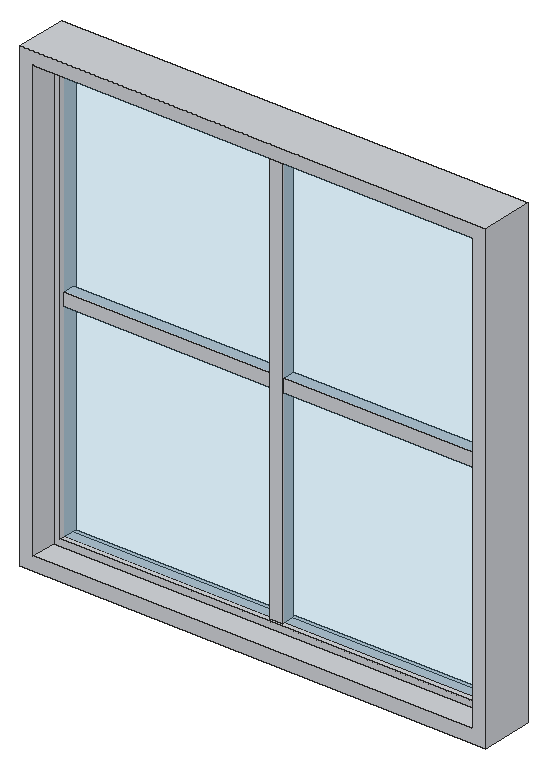
Revit family "Window_Fixed", category Windows, Revit 2019
Family settings
  Work Plane-Based = No
  Always vertical = Yes
  Cut with Voids When Loaded = No
  Shared = Yes
  Room Calculation Point = No
Parameters (values of type "Fixed Window")
  Width [instance] = 3' - 0"
  WS - Window Type / Symbol = "F-1"
  WS - Width [instance] = Width  # 3' - 0"
  WS - Tempered Glass = ""
  WS - Style = ""
  WS - Smoke & Draft = ""
  WS - Remarks = ""
  WS - Height [instance] = Height  # 3' - 0"
  WS - Frame = ""
  WS - Fire Rating = ""
  WS - Finish = ""
  Number Of Lites Wide [instance] = 2
  Number Of Lites High [instance] = 2
  Inner Frame Width = 0' - 0 1/2"
  Inner Frame Material [instance] = none
  Inner Frame Depth = 0' - 1 1/2"
  Height [instance] = 3' - 0"
  Glazing Width [instance] = Width - ((Frame Width + Inner Frame Width) * 2)  # 2' - 9"
  Glazing Thickness = 0' - 0 3/4"
  Glazing Height [instance] = Height - ((Frame Width + Inner Frame Width) * 2)  # 2' - 9"
  Glazing [instance] = none
  Frame Width = 0' - 1"
  Frame Material [instance] = none
  Depth = 0' - 4"
  Analytic Construction = "<None>"
Reference planes (in)
  plane 1 "Center (Front/Back)": y = 0
  plane 2: z = 0
  plane 3 "Center (Left/Right)": x = 0
  plane 4: x = -18
  plane 5: x = 18
  plane 6: y = 2
  plane 7: y = -2
  plane 8: x = -17
  plane 9: x = 17
  plane 10: x = -16.5
  plane 11: x = 16.5
  plane 12: y = 0.75
  plane 13: y = 1.125
  plane 14: y = 0.375
  plane 15: y = 1.5
  plane 16: z = 36
  plane 17: z = 34.5
  plane 18: z = 1
  plane 19: z = 35
  plane 20: z = 1.5
  plane 21: z = 18
Forms (in)
  Sweep 1, solid, material <- "Inner Frame Material"
    path origin (0, 0, 0) x (1, 0, 0) y (0, 0, 1)
      loop
        line (-18, 36) -> (-18, 0) -> (18, 0) -> (18, 36) -> (-18, 36)
    profile origin (-18, 0, 18) x (0, -1, 0) y (1, 0, 0)
      loop
        line (-2, 0) -> (2, 0) -> (2, 1) -> (-2, 1) -> (-2, 0)
  Sweep 2, solid, material <- "Inner Frame Material"
    path origin (0, 0, 0) x (1, 0, 0) y (0, 0, 1)
      loop
        line (-17, 35) -> (-17, 1) -> (17, 1) -> (17, 35) -> (-17, 35)
    profile origin (-17, 0, 18) x (0, -1, 0) y (1, 0, 0)
      loop
        line (-1.5, 0) -> (0, 0) -> (0, 0.5) -> (-1.5, 0.5) -> (-1.5, 0)
  Extrusion 3, solid, material <- "Glazing"
    sketch origin (0, 0, 0) x (1, 0, 0) y (0, 1, 0)
      loop
        line (-16.5, 1.125) -> (-16.5, 0.375) -> (16.5, 0.375) -> (16.5, 1.125) -> (-16.5, 1.125)
    from 1.5 to 34.5
Cuts and joins
  joined: Sweep 1, Sweep 2
Lines and regions (in)
  symbolic lines, style "WindowsFrameMullionProjection"
    curve 1: line (-18, 2, 0) -> (-17, 2, 0)
    curve 2: line (-18, -2, 0) -> (-18, 2, 0)
    curve 3: line (-17, -2, 0) -> (-18, -2, 0)
    curve 4: line (-17, 2, 0) -> (-17, -2, 0)
    curve 5: line (-17, 1.5, 0) -> (-16.5, 1.5, 0)
    curve 6: line (-17, 0, 0) -> (-17, 1.5, 0)
    curve 7: line (-16.5, 0, 0) -> (-17, 0, 0)
    curve 8: line (-16.5, 1.5, 0) -> (-16.5, 0, 0)
    curve 9: line (16.5, 1.5, 0) -> (17, 1.5, 0)
    curve 10: line (16.5, 0, 0) -> (16.5, 1.5, 0)
    curve 11: line (17, 0, 0) -> (16.5, 0, 0)
    curve 12: line (17, 1.5, 0) -> (17, 0, 0)
    curve 13: line (17, 2, 0) -> (18, 2, 0)
    curve 14: line (17, -2, 0) -> (17, 2, 0)
    curve 15: line (18, -2, 0) -> (17, -2, 0)
    curve 16: line (18, 2, 0) -> (18, -2, 0)
  symbolic lines, style "WindowsGlassProjection"
    curve 17: line (16.5, 0.75, 0) -> (-16.5, 0.75, 0)
  symbolic lines, style "WindowsSillHeadProjection"
    curve 18: line (-17, 2, 0) -> (17, 2, 0)
    curve 19: line (-17, -2, 0) -> (17, -2, 0)
Dimensions and locks (in)
  "Width": plane 4 to plane 5
  equal spacing: plane 4, plane 3 "Center (Left/Right)", plane 5
  "Depth": plane 6 to plane 7
  equal spacing: plane 6, plane 1 "Center (Front/Back)", plane 7
  "Frame Width": plane 4 to plane 8
  "Frame Width": plane 9 to plane 5
  "Inner Frame Width": plane 11 to plane 9
  "Inner Frame Width": plane 8 to plane 10
  equal spacing: plane 1 "Center (Front/Back)", plane 12, plane 15
  equal spacing: plane 13, plane 12, plane 14
  "Glazing Thickness": plane 13 to plane 14
  "Inner Frame Depth": plane 1 "Center (Front/Back)" to plane 15
  "Height": plane 16 to level
  "Frame Width": plane 16 to plane 19
  "Frame Width": plane 18 to level
  "Inner Frame Width": plane 20 to plane 18
  "Inner Frame Width": plane 19 to plane 17
  equal spacing: plane 16, plane 21, level
  aligned and locked: plane 2 to level
  aligned and locked: Sweep 1 sketch curve to plane 4
  aligned and locked: Sweep 1 sketch curve to plane 16
  aligned and locked: Sweep 1 sketch curve to plane 5
  aligned and locked: Sweep 1 sketch curve to level
  aligned and locked: plane 6 to Sweep 1 sketch curve
  aligned and locked: plane 4 to Sweep 1 sketch curve
  aligned and locked: plane 7 to Sweep 1 sketch curve
  aligned and locked: plane 8 to Sweep 1 sketch curve
  aligned and locked: Sweep 2 sketch curve to plane 8
  aligned and locked: Sweep 2 sketch curve to plane 18
  aligned and locked: plane 9 to Sweep 2 sketch curve
  aligned and locked: Sweep 2 sketch curve to plane 19
  aligned and locked: plane 15 to Sweep 2 sketch curve
  aligned and locked: plane 8 to Sweep 2 sketch curve
  aligned and locked: plane 10 to Sweep 2 sketch curve
  aligned and locked: plane 1 "Center (Front/Back)" to Sweep 2 sketch curve
  aligned and locked: Extrusion 3 sketch curve to plane 13
  aligned and locked: Extrusion 3 sketch curve to plane 14
  aligned and locked: Extrusion 3 sketch curve to plane 11
  aligned and locked: plane 10 to Extrusion 3 sketch curve
  aligned and locked: plane 17 to Extrusion 3
  aligned and locked: Extrusion 3 to plane 20
  aligned and locked: curve 1 to plane 6
  aligned and locked: curve 4 to plane 8
  aligned and locked: plane 8 to curve 6
  aligned and locked: curve 8 to plane 10
  aligned and locked: curve 14 to plane 9
  aligned and locked: Sweep 2 to plane 9
  aligned and locked: plane 11 to curve 10
  aligned and locked: curve 9 to plane 15
  aligned and locked: curve 11 to plane 1 "Center (Front/Back)"
  aligned and locked: curve 5 to plane 15
  aligned and locked: curve 7 to plane 1 "Center (Front/Back)"
  aligned and locked: Sweep 2 to plane 11
  aligned and locked: plane 10 to Sweep 2
  aligned and locked: Sweep 2 to plane 17
  aligned and locked: Extrusion 3 to plane 17
  aligned and locked: plane 9 to curve 12
  aligned and locked: plane 3 "Center (Left/Right)" to nested 1
  aligned and locked: nested 1 to plane 12
  aligned and locked: plane 21 to nested 1
Automatic sketch dimensions
  curve 3 to plane 4 = 0' - 0"
  curve 15 to plane 5 = 0' - 0"
  curve 19 to plane 7 = 0' - 0"
  curve 17 to plane 12 = 0' - 0"
  curve 14 to plane 6 = 0' - 0"
Nested families (in)
  nested 1: "Mullion Assembly" at (0, 0.75, 1.5), Width <- "Glazing Width", Height <- "Glazing Height", Mullion Material <- "Frame Material", Number Of Lites Wide <- "Number Of Lites Wide", Number Of Lites High <- "Number Of Lites High", type "Mullion Assembly"
    with Width 2' - 9", Vertical Mullions 2, Vertical Mullion Visible yes, Vertical Mullion Array Location 1' - 4 1/2", Number Of Vertical Mullions 1, Number Of Lites Wide 2, Number Of Lites High 2, Number Of Horizontal Mullions 1, Mullion Material none, Horizontal Mullions 2, Horizontal Mullion Visible yes, Horizontal Mullion Array Location 1' - 4 1/2", Height 2' - 9", Mullion Height 0' - 1"
Definition of nested family "Mullion Assembly"
  Parameters (values of type "Mullion Assembly")
    Width [instance] = 4' - 0"
    Vertical Mullions [instance] = if(Number Of Vertical Mullions < 1.5, 2, Number Of Vertical Mullions)  # 3
    Vertical Mullion Visible [instance] = Number Of Lites Wide > 1.5  # yes
    Vertical Mullion Array Location [instance] = if(Number Of Vertical Mullions < 1.5, (Width / 2), if(Number Of Vertical Mullions > 1.5, (Width / (Vertical Mullions + 1)), (Width / 2)))  # 1' - 0"
    Number Of Vertical Mullions [instance] = Number Of Lites High - 1  # 3
    Number Of Lites Wide [instance] = 4
    Number Of Lites High [instance] = 4
    Number Of Horizontal Mullions [instance] = Number Of Lites Wide - 1  # 3
    Mullion Width = 0' - 1"
    Mullion Material [instance] = none
    Mullion Height = 0' - 0 3/4"
    Horizontal Mullions [instance] = if(Number Of Horizontal Mullions < 1.5, 2, Number Of Horizontal Mullions)  # 3
    Horizontal Mullion Visible [instance] = Number Of Lites High > 1.5  # yes
    Horizontal Mullion Array Location [instance] = if(Number Of Horizontal Mullions < 1.5, (Height / 2), if(Number Of Horizontal Mullions > 1.5, (Height / (Horizontal Mullions + 1)), (Height / 2)))  # 1' - 0"
    Height [instance] = 4' - 0"
  Reference planes (in)
    plane 1 "Center (Front/Back)": y = 0
    plane 2: z = 0
    plane 3 "Center (Left/Right)": x = 0
    plane 4: z = 48
    plane 5: x = 24
    plane 6: x = -24
    plane 7: x = -12
    plane 8: x = 12
    plane 9: z = 36
    plane 10: z = 12
    plane 11: z = 24
    plane 12: x = -12
    plane 13: z = 36
    plane 14: z = 12
    plane 15: x = 12
    plane 16: z = 24
    plane 17: x = 0
  Forms (in)
    Sweep 1, solid, material <- "Mullion Material", visible <- "Vertical Mullion Visible"
      path origin (5.06152, 0, -15.28174) x (1, 0, 0) y (0, 0, 1)
        loop
          line (-17.06152, 63.28174) -> (-17.06152, 15.28174)
      profile "Profile - Mullion : Profile - Mullion" origin (-12, 0, 24) x (1, 0, 0) y (0, -1, 0)
        loop
          line (-0.5, 0.375) -> (-0.5, -0.375) -> (0.5, -0.375) -> (0.5, 0.375) -> (-0.5, 0.375)
    Sweep 2, solid, material <- "Mullion Material", visible <- "Horizontal Mullion Visible"
      path origin (20.44465, 0, -3.26328) x (1, 0, 0) y (0, 0, 1)
        loop
          line (-44.44465, 39.26328) -> (3.55535, 39.26328)
      profile "Profile - Mullion : Profile - Mullion" origin (0, 0, 36) x (0, 0, 1) y (0, -1, 0)
        loop
          line (-0.5, 0.375) -> (-0.5, -0.375) -> (0.5, -0.375) -> (0.5, 0.375) -> (-0.5, 0.375)
    Sweep 3, solid, material <- "Mullion Material", visible <- "Horizontal Mullion Visible"
      path origin (20.44465, 0, -27.26328) x (1, 0, 0) y (0, 0, 1)
        loop
          line (-44.44465, 39.26328) -> (3.55535, 39.26328)
      profile "Profile - Mullion : Profile - Mullion" origin (0, 0, 12) x (0, 0, 1) y (0, -1, 0)
        loop
          line (-0.5, 0.375) -> (-0.5, -0.375) -> (0.5, -0.375) -> (0.5, 0.375) -> (-0.5, 0.375)
    Sweep 4, solid, material <- "Mullion Material", visible <- "Vertical Mullion Visible"
      path origin (29.06152, 0, -15.28174) x (1, 0, 0) y (0, 0, 1)
        loop
          line (-17.06152, 63.28174) -> (-17.06152, 15.28174)
      profile "Profile - Mullion : Profile - Mullion" origin (12, 0, 24) x (1, 0, 0) y (0, -1, 0)
        loop
          line (-0.5, 0.375) -> (-0.5, -0.375) -> (0.5, -0.375) -> (0.5, 0.375) -> (-0.5, 0.375)
    Sweep 5, solid, material <- "Mullion Material", visible <- "Horizontal Mullion Visible"
      path origin (20.44465, 0, -15.26328) x (1, 0, 0) y (0, 0, 1)
        loop
          line (-44.44465, 39.26328) -> (3.55535, 39.26328)
      profile "Profile - Mullion : Profile - Mullion" origin (0, 0, 24) x (0, 0, 1) y (0, -1, 0)
        loop
          line (-0.5, 0.375) -> (-0.5, -0.375) -> (0.5, -0.375) -> (0.5, 0.375) -> (-0.5, 0.375)
    Sweep 6, solid, material <- "Mullion Material", visible <- "Vertical Mullion Visible"
      path origin (17.06152, 0, -15.28174) x (1, 0, 0) y (0, 0, 1)
        loop
          line (-17.06152, 63.28174) -> (-17.06152, 15.28174)
      profile "Profile - Mullion : Profile - Mullion" origin (0, 0, 24) x (1, 0, 0) y (0, -1, 0)
        loop
          line (-0.5, 0.375) -> (-0.5, -0.375) -> (0.5, -0.375) -> (0.5, 0.375) -> (-0.5, 0.375)
  Dimensions and locks (in)
    "Width": plane 5 to plane 6
    "Height": plane 4 to level
    equal spacing: plane 4, plane 11, level
    equal spacing: plane 5, plane 3 "Center (Left/Right)", plane 6
    "Vertical Mullion Array Location": plane 7 to plane 6
    "Vertical Mullion Array Location": plane 5 to plane 8
    "Horizontal Mullion Array Location": plane 4 to plane 9
    "Horizontal Mullion Array Location": plane 10 to level
    locked: plane 7 to plane 12 at 0
    locked: plane 9 to plane 13 at 0
    "Height": Sweep 1 sketch curve to Sweep 1 sketch curve
    "Width": Sweep 2 sketch curve to Sweep 2 sketch curve
    "Width": Sweep 3 sketch curve to Sweep 3 sketch curve
    equal spacing: group 2, group 5, group 1  (x2)
    equal spacing: group 1, group 5, group 2
    locked: plane 10 to plane 14 at 0
    "Height": Sweep 4 sketch curve to Sweep 4 sketch curve
    equal spacing: group 3, group 6, group 4  (x3)
    locked: plane 8 to plane 15 at 0
    "Width": Sweep 5 sketch curve to Sweep 5 sketch curve
    "Height": Sweep 6 sketch curve to Sweep 6 sketch curve
    aligned and locked: plane 2 to level
    aligned and locked: Sweep 2 sketch curve to plane 13
    aligned and locked: Sweep 1 to plane 4
    aligned and locked: plane 6 to Sweep 2
    aligned and locked: Sweep 3 sketch curve to plane 14
    aligned and locked: Sweep 5 sketch curve to plane 16
    aligned and locked: Sweep 4 to plane 4
    aligned and locked: plane 5 to Sweep 3
  Automatic sketch dimensions
    plane 12 to Sweep 1 sketch curve = 0' - 0"
    plane 15 to Sweep 4 sketch curve = 0' - 0"
    plane 17 to Sweep 6 sketch curve = 0' - 0"
